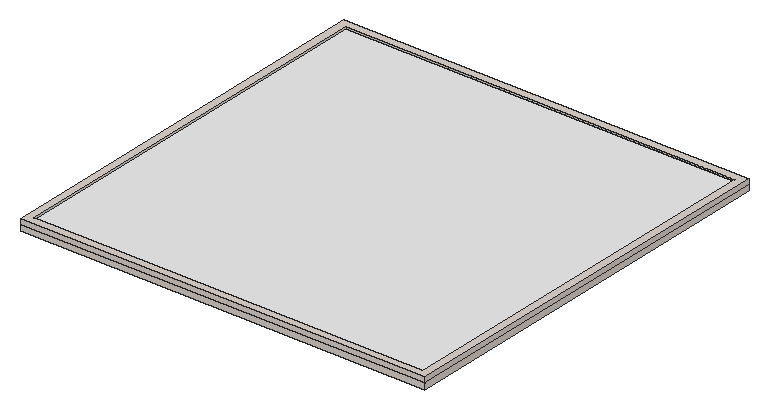
Revit family "SKY LED FLAT PANEL", category Lighting Fixtures, host Face, Revit 2020 (continued)
Types (13): name | Wattage | WATTS | built-in parameter 1150134 | Replaces/Equiv.(MH) | Photometric Web File | Order number | built-in parameter 1150142 | Model | built-in parameter 1150105 | Lumens | built-in parameter 1150107 | built-in parameter 1150106 | Fixture Width | Fixture Length | Default Elevation | Apparent Load
    .43  \r\n 1287.21  1283.49  1279.31  1274.32  1268.98  1262.81  1255.93  1248.38  1240.45  1232.08  \r\n 1222.80  1213.10  1202.75  1192.10  1180.83  1169.31  1157.49  1144.75  1131.76  1118.72  \r\n 1105.45  1091.30  1077.38  1062.53  1047.99  1032.59  1017.11  1001.22  985.07   968.42   \r\n 951.91   934.71   917.91   900.46   882.07   864.56   845.93   827.54   808.65   789.86   \r\n 770.67   751.49   731.83   711.94   692.07   672.10   651.69   631.03   610.52   589.65   \r\n 568.92   547.87   527.11   505.56   484.54   463.17   442.18   420.42   399.46   377.71   \r\n 356.97   335.57   314.82   293.87   272.96   252.85   232.18   212.63   192.85   173.59   \r\n 155.02   136.69   118.36   100.66   83.89    67.52    52.16    37.27    23.42    10.88    \r\n 2.67     0.93     0.98     1.03     1.11     1.19     1.27     1.35     1.42     1.50     \r\n 1.59     1.67     1.75     1.83     1.91     1.99     2.07     2.15     2.23     2.31     \r\n 2.39     2.46     2.54     2.62     2.69     2.77     2.84     2.91     2.98     3.05     \r\n 3.12     3.18     3.24     3.30     3.36     3.42     3.48     3.54     3.59     3.65     \r\n 3.70     3.75     3.81     3.86     3.91     3.96     4.02     4.07     4.13     4.18     \r\n 4.24     4.29     4.34     4.40     4.45     4.50     4.55     4.60     4.65     4.70     \r\n 4.75     4.80     4.85     4.90     4.95     5.00     5.05     5.10     5.15     5.20     \r\n 5.25     5.30     5.34     5.39     5.44     5.48     5.53     5.57     5.61     5.66     \r\n 5.70     5.73     5.77     5.80     5.83     5.86     5.89     5.91     5.94     5.95     \r\n 5.97     \r\n1298.22  1298.49  1298.73  1297.97  1297.58  1295.98  1294.68  1292.16  1289.47  1286.45  \r\n 1282.58  1278.47  1273.47  1268.00  1262.21  1255.39  1248.38  1240.20  1231.74  1222.94  \r\n 1213.07  1203.28  1192.75  1182.08  1170.65  1159.11  1146.79  1134.39  1121.46  1108.11  \r\n 1094.99  1080.59  1066.68  1052.01  1037.21  1021.71  1006.32  990.54   974.65   957.80   \r\n 940.89   924.43   907.42   889.72   871.85   854.32   836.02   817.99   798.72   779.93   \r\n 761.34   742.01   722.65   703.00   683.02   663.32   643.13   622.74   602.34   581.49   \r\n 561.19   540.28   519.38   498.02   477.39   456.21   435.06   413.77   392.91   371.68   \r\n 350.50   329.76   308.82   288.29   267.60   247.61   227.18   207.84   188.23   169.39   \r\n 150.37   132.31   114.51   97.39    80.42    65.07    49.72    35.42    22.01    9.01     \r\n 1.35     0.86     0.92     1.00     1.08     1.17     1.25     1.33     1.41     1.50     \r\n 1.58     1.67     1.75     1.84     1.93     2.01     2.10     2.18     2.26     2.35     \r\n 2.43     2.51     2.59     2.66     2.74     2.82     2.89     2.97     3.05     3.13     \r\n 3.20     3.26     3.33     3.39     3.46     3.52     3.58     3.64     3.70     3.76     \r\n 3.82     3.87     3.93     3.98     4.04     4.08     4.14     4.19     4.25     4.30     \r\n 4.35     4.41     4.46     4.51     4.55     4.60     4.64     4.68     4.73     4.77     \r\n 4.82     4.86     4.91     4.96     5.00     5.05     5.10     5.14     5.19     5.24     \r\n 5.29     5.33     5.37     5.41     5.46     5.50     5.54     5.59     5.63     5.66     \r\n 5.70     5.73     5.75     5.79     5.81     5.85     5.87     5.89     5.91     5.93     \r\n 5.97     \r\n1298.22  1298.17  1297.67  1297.14  1295.97  1294.49  1292.18  1289.73  1286.69  1282.88  \r\n 1279.25  1274.23  1269.05  1263.38  1256.95  1250.19  1242.61  1234.43  1225.73  1216.60  \r\n 1206.73  1196.97  1186.29  1175.65  1164.29  1152.95  1140.40  1127.99  1115.16  1102.27  \r\n 1088.53  1074.48  1060.44  1046.00  1031.17  1015.85  1000.84  985.11   969.04   952.69   \r\n 936.11   919.22   902.48   885.24   867.39   849.89   831.70   813.54   794.70   776.15   \r\n 757.13   738.31   718.80   699.54   679.76   660.08   639.97   619.63   599.39   578.95   \r\n 558.24   537.72   517.08   495.86   475.25   453.94   433.39   411.80   391.25   369.89   \r\n 349.23   328.14   308.03   287.27   266.67   246.80   226.43   207.25   187.61   168.85   \r\n 150.42   131.99   114.36   96.99    80.40    64.32    49.21    34.56    20.99    9.32     \r\n 1.59     0.90     0.97     1.05     1.13     1.21     1.28     1.36     1.44     1.52     \r\n 1.60     1.68     1.76     1.84     1.93     2.01     2.09     2.18     2.26     2.35     \r\n 2.43     2.51     2.60     2.67     2.76     2.84     2.92     3.00     3.08     3.16     \r\n 3.22     3.30     3.37     3.45     3.52     3.58     3.65     3.72     3.78     3.84     \r\n 3.90     3.96     4.02     4.08     4.14     4.19     4.25     4.31     4.36     4.41     \r\n 4.47     4.52     4.58     4.63     4.68     4.72     4.76     4.80     4.84     4.88     \r\n 4.92     4.96     5.00     5.03     5.07     5.11     5.15     5.18     5.22     5.26     \r\n 5.30     5.33     5.37     5.40     5.44     5.48     5.52     5.55     5.59     5.62     \r\n 5.66     5.69     5.71     5.75     5.77     5.80     5.82     5.84     5.87     5.89     \r\n 5.97     \r\n1298.22  1297.91  1296.85  1295.47  1293.76  1291.75  1289.18  1285.73  1282.33  1278.14  \r\n 1273.61  1268.12  1262.24  1256.41  1249.22  1242.29  1233.86  1225.68  1216.80  1207.43  \r\n 1197.54  1187.23  1176.79  1165.85  1154.37  1142.52  1130.14  1117.99  1105.06  1092.00  \r\n 1078.42  1064.46  1050.35  1035.77  1021.13  1005.67  990.58   974.77   959.05   942.36   \r\n 925.91   909.31   892.48   875.33   857.31   839.88   821.79   804.16   784.98   766.51   \r\n 748.08   729.02   709.78   690.27   670.62   650.88   631.20   611.07   590.89   570.42   \r\n 550.29   529.46   508.97   487.97   467.31   446.64   425.80   404.54   384.01   363.13   \r\n 342.27   321.78   301.09   280.67   260.33   240.61   220.59   201.53   182.16   163.48   \r\n 144.71   126.84   109.22   92.41    75.47    60.25    45.03    31.09    18.40    7.54     \r\n 1.08     0.95     0.99     1.07     1.15     1.23     1.31     1.38     1.46     1.54     \r\n 1.61     1.69     1.77     1.85     1.93     2.01     2.09     2.17     2.25     2.34     \r\n 2.42     2.50     2.59     2.67     2.76     2.84     2.92     3.00     3.08     3.15     \r\n 3.23     3.30     3.37     3.44     3.51     3.58     3.65     3.72     3.78     3.85     \r\n 3.91     3.97     4.03     4.09     4.15     4.21     4.27     4.33     4.39     4.45     \r\n 4.51     4.57     4.63     4.68     4.73     4.79     4.83     4.89     4.93     4.97     \r\n 5.01     5.05     5.09     5.13     5.16     5.20     5.24     5.28     5.31     5.35     \r\n 5.38     5.41     5.44     5.46     5.49     5.52     5.55     5.58     5.60     5.62     \r\n 5.65     5.67     5.68     5.71     5.73     5.74     5.77     5.78     5.80     5.82     \r\n 5.97     \r\n1298.22  1297.37  1296.15  1294.40  1292.41  1289.84  1286.48  1283.06  1278.92  1274.24  \r\n 1269.14  1263.87  1257.78  1251.11  1244.27  1236.72  1228.83  1220.08  1211.17  1201.99  \r\n 1192.05  1182.10  1171.48  1160.30  1149.01  1137.51  1125.19  1112.81  1099.97  1086.82  \r\n 1073.52  1059.54  1045.58  1031.18  1016.60  1001.49  986.21   970.53   954.84   938.69   \r\n 922.19   905.56   888.87   871.84   854.12   836.91   818.98   800.88   782.41   763.97   \r\n 745.38   726.70   707.28   688.16   668.71   649.05   629.16   609.13   589.14   568.83   \r\n 548.34   527.98   507.67   486.60   466.33   445.46   424.85   403.67   383.40   362.25   \r\n 341.85   321.19   300.87   280.53   260.69   240.89   220.78   201.94   182.47   164.01   \r\n 145.72   127.44   109.98   92.79    76.31    60.66    45.94    32.03    19.15    7.98     \r\n 1.09     0.97     1.01     1.07     1.14     1.23     1.30     1.38     1.45     1.52     \r\n 1.59     1.66     1.73     1.81     1.89     1.96     2.05     2.12     2.21     2.29     \r\n 2.37     2.45     2.53     2.62     2.69     2.78     2.86     2.93     3.02     3.09     \r\n 3.17     3.25     3.33     3.40     3.47     3.54     3.61     3.68     3.75     3.81     \r\n 3.88     3.94     4.01     4.08     4.14     4.21     4.27     4.34     4.40     4.45     \r\n 4.52     4.58     4.64     4.70     4.76     4.81     4.86     4.91     4.97     5.02     \r\n 5.07     5.11     5.15     5.19     5.22     5.26     5.30     5.33     5.36     5.40     \r\n 5.43     5.46     5.49     5.52     5.55     5.57     5.60     5.62     5.64     5.66     \r\n 5.68     5.70     5.71     5.73     5.75     5.77     5.78     5.80     5.81     5.82     \r\n 5.97     \r\n1298.22  1297.08  1295.20  1293.19  1290.31  1287.47  1283.46  1279.54  1274.68  1269.86  \r\n 1264.62  1258.67  1252.18  1245.27  1237.90  1230.12  1221.89  1213.15  1204.07  1195.08  \r\n 1184.98  1175.07  1163.96  1153.32  1141.90  1130.10  1117.88  1105.58  1092.94  1079.40  \r\n 1066.31  1052.26  1038.37  1024.21  1009.49  994.41   979.21   963.63   947.87   931.51   \r\n 915.11   898.98   882.01   864.97   847.34   829.99   811.93   794.45   775.30   757.20   \r\n 738.86   720.06   700.83   681.60   662.11   642.66   623.12   602.85   582.92   562.52   \r\n 542.69   522.12   501.71   480.98   460.54   439.94   419.09   398.31   377.77   357.40   \r\n 336.58   316.47   295.93   276.11   255.74   236.19   216.54   197.67   178.43   160.00   \r\n 141.34   123.65   106.00   89.53    73.18    58.40    43.86    29.97    17.24    6.09     \r\n 1.01     0.98     1.02     1.09     1.16     1.25     1.32     1.40     1.45     1.52     \r\n 1.59     1.66     1.73     1.80     1.89     1.97     2.05     2.13     2.21     2.29     \r\n 2.37     2.44     2.53     2.61     2.69     2.77     2.84     2.92     3.00     3.08     \r\n 3.15     3.23     3.30     3.38     3.46     3.53     3.61     3.69     3.76     3.84     \r\n 3.91     3.98     4.05     4.11     4.18     4.24     4.31     4.38     4.44     4.51     \r\n 4.57     4.63     4.70     4.76     4.82     4.88     4.94     5.00     5.06     5.11     \r\n 5.15     5.20     5.25     5.30     5.34     5.38     5.42     5.46     5.49     5.52     \r\n 5.55     5.58     5.60     5.63     5.66     5.68     5.70     5.72     5.74     5.76     \r\n 5.77     5.78     5.79     5.80     5.82     5.83     5.83     5.84     5.85     5.85     \r\n 5.97     \r\n1298.22  1296.72  1294.50  1292.12  1289.29  1285.87  1282.20  1277.66  1272.82  1267.78  \r\n 1262.24  1255.87  1249.20  1242.34  1235.01  1227.37  1218.88  1210.47  1201.39  1192.08  \r\n 1182.10  1171.96  1161.41  1150.51  1139.14  1127.92  1115.69  1103.15  1090.57  1077.42  \r\n 1064.30  1050.37  1036.74  1022.23  1007.71  992.88   977.91   962.32   946.85   930.68   \r\n 914.83   898.28   881.54   864.62   846.96   829.62   811.98   794.14   776.00   757.77   \r\n 739.21   720.51   701.40   682.27   662.90   643.48   623.68   603.87   583.88   563.73   \r\n 543.41   523.24   502.83   482.06   461.77   440.73   420.57   399.56   379.40   358.47   \r\n 338.34   317.92   297.49   277.40   257.78   238.10   218.40   199.63   180.30   161.87   \r\n 143.70   125.54   108.54   91.63    75.78    60.17    45.59    31.21    18.51    6.82     \r\n 0.95     0.98     1.04     1.11     1.18     1.27     1.33     1.38     1.44     1.50     \r\n 1.56     1.63     1.71     1.79     1.88     1.96     2.04     2.12     2.21     2.29     \r\n 2.37     2.45     2.53     2.61     2.68     2.76     2.84     2.92     3.00     3.08     \r\n 3.16     3.23     3.31     3.38     3.46     3.53     3.61     3.68     3.75     3.83     \r\n 3.90     3.98     4.05     4.12     4.19     4.26     4.32     4.40     4.46     4.53     \r\n 4.60     4.67     4.73     4.80     4.87     4.93     4.99     5.05     5.12     5.18     \r\n 5.24     5.30     5.35     5.40     5.45     5.50     5.54     5.59     5.62     5.67     \r\n 5.70     5.74     5.77     5.80     5.82     5.85     5.87     5.89     5.90     5.92     \r\n 5.93     5.93     5.93     5.94     5.94     5.94     5.94     5.94     5.93     5.93     \r\n 5.97     \r\n1298.22  1296.45  1294.10  1291.20  1288.12  1284.43  1280.36  1275.67  1270.58  1265.33  \r\n 1259.58  1253.19  1246.21  1239.43  1231.47  1223.94  1215.39  1206.62  1197.49  1188.26  \r\n 1178.22  1167.84  1157.46  1146.79  1135.46  1123.66  1111.58  1099.45  1086.66  1073.66  \r\n 1060.53  1046.82  1033.06  1018.99  1004.13  989.28   974.42   958.91   943.64   927.33   \r\n 911.16   894.84   878.25   861.20   843.51   826.46   808.67   791.11   772.18   753.76   \r\n 735.83   716.79   697.77   678.55   659.12   639.66   619.89   599.94   580.07   559.80   \r\n 539.87   519.24   499.00   478.13   457.80   437.38   416.80   396.04   375.77   355.28   \r\n 334.66   314.67   294.38   274.63   254.47   235.16   215.50   196.81   177.85   159.53   \r\n 141.14   123.70   106.41   90.00    73.55    58.59    43.70    29.39    16.80    4.61     \r\n 1.00     0.99     1.06     1.13     1.20     1.25     1.30     1.36     1.42     1.49     \r\n 1.58     1.65     1.74     1.82     1.91     1.99     2.07     2.15     2.24     2.32     \r\n 2.40     2.48     2.56     2.63     2.71     2.78     2.86     2.93     3.01     3.09     \r\n 3.16     3.24     3.31     3.39     3.46     3.54     3.62     3.69     3.76     3.83     \r\n 3.90     3.97     4.04     4.11     4.19     4.27     4.34     4.40     4.47     4.53     \r\n 4.60     4.66     4.73     4.79     4.86     4.93     4.99     5.07     5.13     5.20     \r\n 5.27     5.34     5.41     5.48     5.55     5.61     5.67     5.72     5.78     5.83     \r\n 5.88     5.92     5.96     6.01     6.04     6.07     6.10     6.12     6.14     6.16     \r\n 6.17     6.18     6.19     6.18     6.17     6.16     6.15     6.13     6.12     6.10     \r\n 5.97     \r\n1298.22  1296.27  1294.05  1291.16  1287.75  1284.22  1279.91  1275.30  1270.18  1264.68  \r\n 1258.84  1252.31  1245.68  1238.06  1230.77  1222.82  1214.22  1205.53  1196.13  1186.97  \r\n 1176.78  1166.63  1155.84  1144.72  1133.79  1122.27  1110.03  1097.88  1085.14  1072.09  \r\n 1059.09  1045.20  1031.49  1017.20  1002.87  987.95   973.09   957.83   942.18   926.20   \r\n 910.39   893.86   877.30   860.60   842.98   826.01   808.23   790.45   772.18   754.14   \r\n 735.69   717.02   697.88   678.80   659.56   640.34   620.61   600.69   580.85   560.71   \r\n 540.59   520.27   500.14   479.36   459.31   438.44   418.27   397.53   377.65   356.69   \r\n 336.59   316.54   296.20   276.62   256.43   237.21   217.71   198.97   180.15   161.84   \r\n 143.99   126.16   109.15   92.25    76.21    60.34    45.14    30.54    17.82    5.29     \r\n 0.94     0.97     1.00     1.03     1.09     1.16     1.24     1.32     1.40     1.47     \r\n 1.55     1.64     1.72     1.81     1.89     1.97     2.06     2.14     2.22     2.31     \r\n 2.40     2.48     2.56     2.63     2.71     2.78     2.86     2.93     2.99     3.07     \r\n 3.14     3.21     3.29     3.37     3.44     3.51     3.58     3.65     3.73     3.80     \r\n 3.87     3.94     4.01     4.08     4.15     4.22     4.29     4.37     4.44     4.50     \r\n 4.57     4.64     4.70     4.76     4.83     4.89     4.96     5.02     5.09     5.16     \r\n 5.22     5.29     5.36     5.43     5.50     5.56     5.63     5.70     5.76     5.83     \r\n 5.90     5.97     6.04     6.10     6.16     6.22     6.27     6.31     6.35     6.39     \r\n 6.41     6.42     6.44     6.44     6.44     6.43     6.42     6.40     6.38     6.36     \r\n 5.97     \r\n1298.22  1296.14  1294.02  1290.90  1287.55  1283.79  1279.59  1274.81  1269.68  1264.11  \r\n 1258.10  1251.71  1244.61  1237.38  1229.55  1221.64  1212.80  1204.10  1194.83  1185.45  \r\n 1175.37  1165.01  1154.27  1143.25  1131.75  1120.13  1107.71  1095.42  1082.97  1069.74  \r\n 1056.41  1042.50  1028.91  1014.32  999.70   984.82   969.69   954.35   938.82   922.59   \r\n 906.24   890.26   873.45   856.57   839.00   821.68   803.78   786.28   767.27   749.14   \r\n 731.29   712.43   693.38   674.13   654.72   635.56   615.86   595.95   576.09   555.80   \r\n 536.23   515.68   495.59   474.74   454.65   434.40   413.80   393.31   373.09   352.76   \r\n 332.42   312.62   292.39   272.81   252.85   233.56   214.15   195.60   176.79   158.72   \r\n 140.52   123.20   105.88   89.53    72.92    57.97    42.63    28.56    15.65    3.55     \r\n 0.92     0.92     0.97     1.02     1.09     1.17     1.24     1.32     1.40     1.
